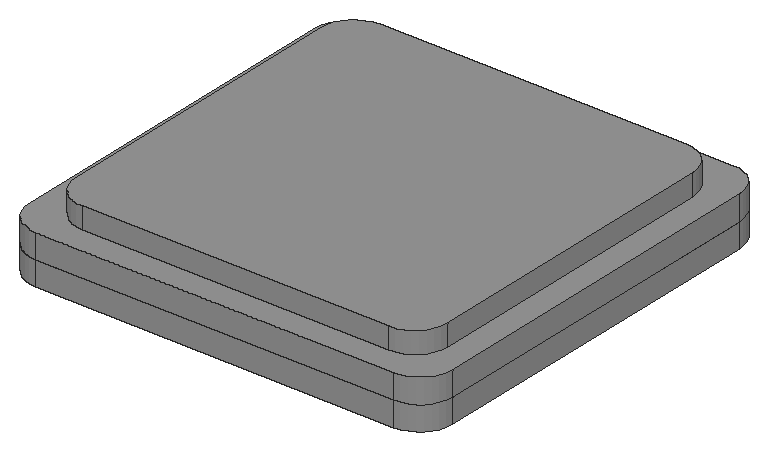
Revit family "FMS2_63_UN_Surface-mounted_ETK", category Lighting Fixtures, Revit 2019 (continued)
Definition of nested family "FMS.2 - Lightsource"
  Types (14, lengths in mm): name | Wattage Comments | Wattage | built-in parameter 1150134 | Photometric Web File | built-in parameter 1150142 | built-in parameter 1150105 | Lumens | built-in parameter 1150107 | built-in parameter 1150106 | Apparent Load
      .0296\t769.878\t764.4402\t759.0024\t753.5646\t748.1268\t742.689\t737.2512\r\n732.0996\t725.8032\t719.2206\t712.638\t706.0554\t699.759\t693.1764\t686.5938\t680.0112\t673.7148\r\n667.1322\t660.5496\t654.2532\t647.6706\t641.088\t634.7916\t628.209\t621.6264\t615.33\t608.7474\r\n602.1648\t595.296\t587.8548\t580.4136\t573.2586\t565.8174\t558.6624\t551.2212\t544.0662\t536.625\r\n529.47\t522.0288\t514.8738\t507.4326\t500.2776\t492.8364\t485.6814\t478.2402\t471.0852\t463.644\r\n456.489\t448.7616\t441.0342\t433.3068\t425.5794\t417.852\t410.1246\t402.111\t394.3836\t386.6562\r\n378.9288\t371.2014\t363.474\t355.7466\t348.0192\t340.2918\t332.5644\t324.837\t317.1096\t309.3822\r\n301.6548\t294.2136\t286.7724\t279.1595\t271.7183\t264.2485\t256.7786\t249.3374\t241.8676\t234.4264\r\n226.9566\t219.4868\t212.0456\t204.5758\t197.1346\t189.6647\t182.2235\t174.7537\t167.3125\t159.8427\r\n152.4015\t137.7481\t122.4936\t107.2678\t92.0133\t76.7875\t61.533\t46.3072\t31.0527\t15.8183\r\n0.577\t0\t0\t0\t0\t0\t0\t0\t0\t0\r\n0\r\n985.6728\t985.1004\t984.2418\t983.3832\t982.5246\t981.9522\t981.0936\t980.5212\t979.6626\t979.0902\r\n978.2316\t977.6592\t976.8006\t975.942\t975.0834\t974.511\t973.6524\t972.7938\t971.9352\t971.0766\r\n970.218\t968.2146\t965.6388\t963.3492\t960.7734\t958.4838\t955.908\t953.6184\t951.0426\t948.4668\r\n946.1772\t943.6014\t941.0256\t938.4498\t936.1602\t933.5844\t931.0086\t928.4328\t925.857\t923.2812\r\n920.7054\t917.5572\t913.2642\t909.2574\t905.2506\t900.9576\t896.9508\t892.944\t888.9372\t884.6442\r\n880.6374\t876.6306\t872.3376\t868.3308\t864.324\t860.031\t856.0242\t852.0174\t848.0106\t843.7176\r\n839.7108\t835.4178\t829.6938\t824.256\t818.532\t813.0942\t807.6564\t802.2186\t796.4946\t791.0568\r\n785.619\t780.1812\t774.7434\t769.3056\t763.8678\t758.43\t752.9922\t747.5544\t742.1166\t736.6788\r\n731.241\t725.517\t718.9344\t712.3518\t705.7692\t699.4728\t692.8902\t686.3076\t679.725\t673.1424\r\n666.5598\t659.9772\t653.6808\t647.0982\t640.5156\t633.933\t627.3504\t621.054\t614.4714\t607.8888\r\n601.3062\t594.7236\t587.2824\t580.1274\t572.6862\t565.5312\t558.09\t550.935\t543.4938\t536.3388\r\n528.8976\t521.7426\t514.3014\t507.1464\t499.7052\t492.5502\t485.109\t477.954\t470.5128\t463.3578\r\n455.9166\t448.4754\t440.748\t433.0206\t425.2932\t417.5658\t409.5522\t401.8248\t394.0974\t386.37\r\n378.6426\t370.9152\t363.1878\t355.4604\t347.733\t340.0056\t331.992\t324.2646\t316.5372\t308.8098\r\n301.0824\t293.6412\t286.0569\t278.6157\t271.1745\t263.7333\t256.3207\t248.8795\t241.4383\t233.9971\r\n226.5845\t219.1433\t211.7021\t204.2896\t196.8484\t189.4358\t181.9946\t174.582\t167.1694\t159.7282\r\n152.3156\t139.408\t124.1822\t108.9563\t93.7019\t78.476\t63.2502\t47.9957\t32.7699\t17.5383\r\n2.3031\t0\t0\t0\t0\t0\t0\t0\t0\t0\r\n0\r\n985.6728\t984.8142\t984.2418\t983.3832\t982.5246\t981.9522\t981.0936\t980.5212\t979.6626\t978.804\r\n977.9454\t977.0868\t976.5144\t975.6558\t974.7972\t973.6524\t973.08\t972.2214\t971.3628\t970.7904\r\n969.9318\t968.787\t966.2112\t963.9216\t961.3458\t958.77\t956.1942\t953.6184\t951.3288\t948.753\r\n946.1772\t943.6014\t941.0256\t938.4498\t935.874\t933.2982\t930.7224\t928.1466\t925.5708\t922.995\r\n920.4192\t917.5572\t913.8366\t909.5436\t905.2506\t900.9576\t896.9508\t892.6578\t888.3648\t884.358\r\n880.065\t876.0582\t871.7652\t867.7584\t863.7516\t859.4586\t855.4518\t851.1588\t846.8658\t842.5728\r\n838.2798\t833.9868\t829.4076\t823.9698\t818.532\t812.808\t807.3702\t801.6462\t796.2084\t790.4844\r\n785.0466\t779.6088\t773.8848\t768.447\t762.723\t757.2852\t751.8474\t746.4096\t740.6856\t735.2478\r\n729.81\t724.3722\t718.9344\t712.3518\t705.7692\t699.1866\t692.604\t686.0214\t679.4388\t672.8562\r\n666.2736\t659.691\t653.1084\t646.812\t640.2294\t633.6468\t627.0642\t620.4816\t613.899\t607.3164\r\n600.7338\t593.865\t587.2824\t579.8412\t572.6862\t565.245\t557.8038\t550.3626\t543.2076\t535.7664\r\n528.3252\t521.1702\t513.729\t506.2878\t499.1328\t491.6916\t484.5366\t477.0954\t469.6542\t462.4992\r\n455.058\t447.903\t440.4618\t432.4482\t424.7208\t416.9934\t408.9798\t401.2524\t393.525\t385.7976\r\n377.784\t370.0566\t362.3292\t354.6018\t346.8744\t339.147\t331.4196\t323.6922\t315.9648\t308.2374\r\n300.51\t292.7826\t285.1983\t277.7571\t270.3445\t262.9319\t255.4907\t248.0782\t240.6656\t233.253\r\n225.8404\t218.4565\t211.0439\t203.6313\t196.2473\t188.8348\t181.4508\t174.0668\t166.6543\t159.2703\r\n151.8863\t141.898\t126.7007\t111.5035\t96.3349\t81.1377\t65.9405\t50.7433\t35.546\t20.346\r\n5.1516\t0\t0\t0\t0\t0\t0\t0\t0\t0\r\n0\r\n985.6728\t984.8142\t984.2418\t983.3832\t982.5246\t981.9522\t981.0936\t980.235\t979.3764\t978.5178\r\n977.9454\t976.8006\t975.942\t975.3696\t974.511\t973.9386\t973.08\t972.5076\t971.649\t970.7904\r\n969.9318\t969.0732\t966.7836\t964.2078\t961.632\t959.0562\t956.4804\t953.9046\t951.3288\t948.753\r\n946.1772\t943.6014\t940.7394\t937.8774\t935.3016\t932.4396\t929.8638\t927.0018\t924.426\t921.8502\r\n919.2744\t916.6986\t913.8366\t910.116\t905.823\t901.53\t897.237\t892.944\t888.651\t884.6442\r\n880.3512\t876.0582\t871.7652\t867.4722\t863.1792\t858.8862\t854.5932\t850.3002\t846.0072\t841.7142\r\n837.4212\t833.4144\t828.8352\t824.5422\t818.8182\t813.0942\t807.3702\t801.6462\t796.2084\t790.4844\r\n785.0466\t779.6088\t774.171\t768.447\t763.0092\t757.2852\t751.5612\t746.1234\t740.3994\t734.6754\r\n728.9514\t723.2274\t717.7896\t712.0656\t705.7692\t699.1866\t692.3178\t685.7352\t678.8664\t672.2838\r\n665.7012\t658.8324\t652.2498\t645.6672\t638.7984\t632.2158\t625.6332\t619.0506\t612.1818\t605.5992\r\n599.0166\t592.434\t585.8514\t578.9826\t572.1138\t564.6726\t557.2314\t549.7902\t542.349\t534.9078\r\n527.7528\t520.3116\t512.8704\t505.7154\t498.2742\t490.833\t483.678\t476.2368\t468.7956\t461.3544\r\n454.1994\t446.7582\t439.317\t431.8758\t424.1484\t416.421\t408.4074\t400.68\t392.9526\t384.939\r\n377.2116\t369.4842\t361.7568\t353.7432\t346.0158\t338.2884\t330.561\t322.5474\t314.82\t307.0926\r\n299.3652\t291.6378\t283.8818\t276.4406\t269.0566\t261.6727\t254.3173\t246.9334\t239.578\t232.2227\r\n224.8673\t217.512\t210.1567\t202.8013\t195.4746\t188.1193\t180.7925\t173.4658\t166.1105\t158.7838\r\n151.457\t144.1303\t130.4213\t115.2527\t100.0841\t84.9155\t69.7469\t54.5783\t39.4384\t24.264\r\n9.1012\t0\t0\t0\t0\t0\t0\t0\t0\t0\r\n0\r\n985.6728\t984.8142\t984.2418\t983.3832\t982.5246\t981.9522\t981.0936\t980.235\t979.3764\t978.5178\r\n977.6592\t977.0868\t976.2282\t975.3696\t974.7972\t973.9386\t973.08\t972.2214\t971.3628\t970.218\r\n969.3594\t968.5008\t967.356\t964.7802\t962.2044\t959.6286\t956.7666\t953.9046\t951.3288\t948.4668\r\n945.891\t943.3152\t940.4532\t937.8774\t935.0154\t932.4396\t929.5776\t926.7156\t923.8536\t920.9916\r\n918.4158\t915.5538\t912.978\t910.4022\t907.254\t902.6748\t898.0956\t893.5164\t888.9372\t884.6442\r\n880.3512\t876.0582\t871.7652\t867.186\t862.893\t858.3138\t854.0208\t849.7278\t845.1486\t840.8556\r\n836.2764\t831.6972\t827.118\t822.5388\t817.6734\t813.0942\t807.6564\t801.9324\t796.2084\t790.4844\r\n784.7604\t779.0364\t773.3124\t767.5884\t761.8644\t756.1404\t750.4164\t744.6924\t738.9684\t733.2444\r\n727.5204\t721.7964\t716.0724\t710.3484\t704.6244\t698.9004\t692.8902\t686.0214\t679.1526\t672.2838\r\n665.7012\t658.8324\t651.9636\t645.0948\t638.5122\t631.6434\t625.0608\t618.192\t611.6094\t604.7406\r\n598.158\t591.2892\t584.4204\t577.8378\t570.969\t564.1002\t556.9452\t549.504\t542.0628\t534.6216\r\n527.1804\t519.7392\t512.298\t504.8568\t497.4156\t489.9744\t482.5332\t475.092\t467.6508\t459.9234\r\n452.4822\t445.041\t437.5998\t430.1586\t423.0036\t415.2762\t407.5488\t399.8214\t391.8078\t384.0804\r\n376.353\t368.3394\t360.612\t352.8846\t344.871\t337.1436\t329.4162\t321.6888\t313.6752\t305.9478\r\n298.2204\t290.493\t282.737\t274.981\t267.4539\t260.1272\t252.8005\t245.4737\t238.1756\t230.8775\r\n223.6081\t216.31\t209.0405\t201.771\t194.5015\t187.232\t179.9626\t172.7217\t165.4522\t158.2114\r\n150.9419\t143.701\t135.2009\t120.0609\t104.9209\t89.7809\t74.641\t59.5296\t44.3896\t29.2496\r\n14.1154\t0\t0\t0\t0\t0\t0\t0\t0\t0\r\n0\r\n985.6728\t984.8142\t984.2418\t983.3832\t982.5246\t981.9522\t981.0936\t980.235\t979.3764\t978.5178\r\n977.9454\t977.0868\t976.5144\t975.3696\t974.511\t973.6524\t972.7938\t971.9352\t970.7904\t969.9318\r\n968.787\t967.6422\t966.4974\t965.0664\t962.4906\t959.9148\t957.0528\t954.477\t951.615\t949.0392\r\n946.1772\t943.3152\t940.4532\t937.5912\t934.7292\t931.8672\t929.0052\t926.1432\t922.995\t920.133\r\n916.9848\t913.8366\t910.9746\t908.3988\t905.5368\t902.6748\t898.9542\t894.375\t889.7958\t885.2166\r\n880.6374\t876.0582\t871.479\t866.8998\t862.3206\t857.4552\t852.876\t848.2968\t844.0038\t839.4246\r\n834.5592\t829.98\t825.4008\t820.8216\t816.2424\t811.6632\t807.084\t802.5048\t797.067\t791.0568\r\n785.0466\t779.3226\t773.3124\t767.3022\t761.292\t755.2818\t749.5578\t743.5476\t737.8236\t732.0996\r\n726.3756\t720.6516\t714.9276\t708.9174\t703.1934\t697.1832\t691.173\t685.449\t679.4388\t672.57\r\n665.7012\t658.8324\t651.9636\t644.8086\t637.9398\t631.071\t624.2022\t617.3334\t610.4646\t603.5958\r\n596.727\t589.8582\t583.2756\t576.4068\t569.538\t562.383\t555.5142\t548.6454\t541.7766\t534.3354\r\n526.608\t519.1668\t511.7256\t503.9982\t496.557\t489.1158\t481.3884\t473.9472\t466.2198\t458.7786\r\n451.3374\t443.8962\t436.455\t429.0138\t421.5726\t414.1314\t406.6902\t398.9628\t391.2354\t383.2218\r\n375.4944\t367.4808\t359.7534\t352.026\t344.0124\t336.285\t328.5576\t320.544\t312.8166\t305.0892\r\n297.3618\t289.6344\t281.7639\t274.0079\t266.2805\t258.5245\t251.255\t243.9569\t236.6874\t229.4465\r\n222.1771\t214.9362\t207.6953\t200.4831\t193.2422\t186.0586\t178.8464\t171.6628\t164.4791\t157.2955\r\n150.1119\t142.9569\t135.8019\t125.7563\t110.6449\t95.5622\t80.4508\t65.3681\t50.2853\t35.2026\r\n20.1227\t5.04\t0\t0\t0\t0\t0\t0\t0\t0\r\n0\r\n985.6728\t984.8142\t984.2418\t983.3832\t982.5246\t981.9522\t981.0936\t980.235\t979.3764\t978.804\r\n977.9454\t977.0868\t976.2282\t975.3696\t974.511\t973.6524\t972.5076\t971.649\t970.218\t969.0732\r\n967.9284\t966.4974\t965.3526\t964.2078\t962.7768\t960.4872\t957.6252\t954.7632\t952.1874\t949.0392\r\n946.1772\t943.029\t940.167\t937.305\t934.1568\t931.2948\t928.1466\t925.2846\t922.4226\t919.5606\r\n916.4124\t913.2642\t910.116\t906.9678\t903.5334\t900.3852\t896.9508\t893.8026\t890.3682\t885.789\r\n881.2098\t876.6306\t872.0514\t867.4722\t862.893\t858.0276\t853.4484\t848.8692\t844.0038\t839.1384\r\n834.273\t829.1214\t824.256\t819.3906\t814.5252\t809.6598\t804.7944\t799.929\t795.0636\t790.1982\r\n785.3328\t779.6088\t773.8848\t767.8746\t761.8644\t755.568\t749.5578\t743.5476\t737.5374\t731.241\r\n725.2308\t719.2206\t713.2104\t707.2002\t701.19\t695.1798\t689.1696\t683.1594\t677.1492\t671.139\r\n665.1288\t659.1186\t652.536\t645.381\t638.226\t631.3572\t624.2022\t617.0472\t610.1784\t603.0234\r\n595.8684\t588.7134\t581.8446\t574.6896\t567.8208\t560.952\t553.797\t546.9282\t539.7732\t532.9044\r\n525.7494\t518.8806\t511.1532\t503.4258\t495.6984\t488.2572\t480.5298\t472.8024\t465.3612\t457.6338\r\n450.1926\t442.4652\t434.7378\t427.2966\t419.5692\t412.128\t404.4006\t396.9594\t389.232\t381.7908\r\n374.0634\t366.336\t358.3224\t350.595\t342.5814\t334.854\t327.1266\t319.113\t311.3856\t303.6582\r\n295.9308\t287.9172\t280.3043\t272.5769\t264.8495\t257.1793\t249.5092\t241.9535\t234.7699\t227.6149\r\n220.4599\t213.3049\t206.1785\t199.0521\t191.9543\t184.828\t177.7302\t170.6324\t163.5347\t156.4655\r\n149.3964\t142.3559\t135.3154\t128.2748\t117.7141\t102.6313\t87.52\t72.4372\t57.3545\t42.2717\r\n27.1776\t12.0919\t0\t0\t0\t0\t0\t0\t0\t0\r\n0\r\n985.6728\t985.1004\t984.2418\t983.3832\t982.8108\t981.9522\t981.0936\t980.5212\t979.6626\t978.804\r\n978.2316\t977.373\t976.2282\t975.3696\t974.511\t973.3662\t972.2214\t970.7904\t969.6456\t968.2146\r\n967.0698\t965.6388\t964.494\t963.063\t961.632\t960.201\t958.1976\t955.0494\t952.1874\t949.3254\r\n946.4634\t943.3152\t940.4532\t937.5912\t934.443\t931.581\t928.4328\t925.2846\t921.8502\t918.702\r\n915.2676\t912.1194\t908.685\t905.5368\t902.1024\t898.668\t895.5198\t892.0854\t888.9372\t885.5028\r\n882.3546\t878.634\t873.4824\t868.3308\t863.1792\t858.6\t853.7346\t848.8692\t843.7176\t838.8522\r\n833.7006\t828.8352\t823.6836\t818.532\t813.6666\t808.515\t803.6496\t798.498\t793.3464\t788.1948\r\n783.0432\t777.8916\t772.74\t767.5884\t762.4368\t756.1404\t750.1302\t744.12\t738.1098\t731.8134\r\n725.2308\t718.9344\t712.638\t706.3416\t700.0452\t694.035\t687.7386\t681.4422\t675.1458\t668.8494\r\n662.553\t656.2566\t650.2464\t643.95\t637.6536\t631.3572\t624.2022\t617.0472\t609.8922\t602.7372\r\n595.5822\t588.7134\t581.5584\t574.1172\t566.9622\t559.521\t552.0798\t544.9248\t537.7698\t530.901\r\n523.746\t516.591\t509.436\t502.281\t495.4122\t487.971\t480.2436\t472.5162\t464.5026\t456.7752\r\n449.0478\t441.3204\t433.593\t425.8656\t418.1382\t410.4108\t402.6834\t395.2422\t387.5148\t379.7874\r\n372.3462\t364.6188\t357.1776\t349.4502\t341.4366\t333.7092\t325.6956\t317.9682\t310.2408\t302.2272\r\n294.4998\t286.7724\t279.0164\t271.289\t263.5616\t255.8342\t248.164\t240.4939\t232.8809\t225.3825\r\n218.3134\t211.2442\t204.2037\t197.1918\t190.1513\t183.168\t176.1561\t169.1728\t162.1895\t155.2349\r\n148.2802\t141.3256\t134.3995\t127.5021\t120.5761\t110.5304\t95.4477\t80.365\t65.2822\t50.1995\r\n35.1454\t20.0655\t4.9971\t0\t0\t0\t0\t0\t0\t0\r\n0\r\n985.6728\t985.1004\t984.2418\t983.3832\t982.8108\t981.9522\t981.3798\t980.5212\t979.9488\t979.0902\r\n978.2316\t977.373\t976.5144\t975.3696\t974.511\t973.08\t971.649\t970.218\t969.0732\t967.6422\r\n966.4974\t965.0664\t963.3492\t961.9182\t960.201\t958.1976\t956.4804\t954.7632\t953.3322\t950.184\r\n947.322\t944.1738\t941.3118\t938.1636\t935.0154\t931.581\t928.4328\t924.9984\t921.8502\t918.4158\r\n915.2676\t911.547\t908.1126\t904.6782\t901.53\t898.0956\t894.6612\t890.6544\t886.9338\t883.2132\r\n879.4926\t876.0582\t872.3376\t868.3308\t864.324\t859.7448\t854.5932\t849.4416\t844.29\t839.4246\r\n834.5592\t829.4076\t823.9698\t818.532\t813.3804\t807.9426\t802.791\t797.6394\t792.2016\t787.05\r\n781.6122\t776.1744\t770.7366\t765.2988\t759.861\t754.4232\t748.9854\t743.5476\t738.396\t732.3858\r\n726.0894\t719.5068\t713.2104\t706.914\t700.3314\t693.4626\t686.88\t680.2974\t674.001\t667.7046\r\n661.4082\t654.5394\t647.9568\t641.3742\t634.7916\t628.4952\t622.1988\t615.9024\t609.3198\t602.7372\r\n596.1546\t588.7134\t581.2722\t573.831\t566.3898\t558.9486\t551.7936\t544.3524\t537.1974\t529.7562\r\n522.315\t514.8738\t507.4326\t499.9914\t492.8364\t485.3952\t478.2402\t471.0852\t463.644\t456.2028\r\n448.1892\t440.1756\t432.4482\t424.7208\t416.9934\t409.266\t401.5386\t393.525\t385.7976\t378.0702\r\n370.3428\t362.6154\t354.888\t347.1606\t339.7194\t331.992\t324.2646\t316.5372\t308.8098\t300.7962\r\n293.0688\t285.3128\t277.5854\t269.8294\t262.1306\t254.4318\t246.7616\t239.1487\t231.5358\t223.9515\r\n216.3672\t208.8115\t201.771\t194.8163\t187.8903\t180.9643\t174.0668\t167.198\t160.3292\t153.4891\r\n146.6489\t139.8373\t133.0544\t126.2714\t119.4885\t112.7342\t104.1768\t89.1227\t74.0399\t58.9858\r\n43.9317\t28.8776\t13.8378\t0\t0\t0\t0\t0\t0\t0\r\n0\r\n985.6728\t985.1004\t984.2418\t983.6694\t982.8108\t982.2384\t981.3798\t980.8074\t980.235\t979.3764\r\n978.5178\t977.373\t976.5144\t975.6558\t974.2248\t972.7938\t971.3628\t969.9318\t968.787\t967.356\r\n965.6388\t964.2078\t962.4906\t960.4872\t958.77\t957.0528\t955.3356\t953.6184\t951.615\t949.8978\r\n947.6082\t945.3186\t942.1704\t939.0222\t935.5878\t932.4396\t929.0052\t925.857\t922.1364\t918.702\r\n915.2676\t911.8332\t908.3988\t904.6782\t900.9576\t896.9508\t893.2302\t889.5096\t885.789\t881.7822\r\n877.7754\t873.4824\t869.4756\t865.4688\t861.7482\t858.0276\t854.0208\t849.7278\t845.1486\t840.8556\r\n835.704\t830.5524\t825.1146\t819.3906\t813.9528\t808.515\t803.0772\t797.6394\t791.9154\t786.4776\r\n780.7536\t775.3158\t769.878\t764.4402\t758.7162\t753.2784\t747.5544\t741.5442\t735.534\t729.81\r\n724.086\t718.362\t712.638\t706.6278\t700.6176\t694.035\t687.4524\t680.8698\t674.001\t667.1322\r\n660.5496\t653.6808\t646.812\t639.9432\t633.3606\t626.778\t620.1954\t613.6128\t606.744\t599.8752\r\n593.0064\t586.4238\t579.8412\t572.9724\t566.3898\t559.521\t551.7936\t544.0662\t536.625\t529.1838\r\n521.4564\t514.0152\t506.574\t498.8466\t491.4054\t483.678\t476.2368\t468.5094\t461.0682\t453.627\r\n446.1858\t438.7446\t431.3034\t423.8622\t416.1348\t408.1212\t400.3938\t392.3802\t384.6528\t376.9254\r\n368.9118\t361.1844\t353.1708\t345.4434\t337.716\t329.9886\t322.2612\t314.82\t307.0926\t299.6514\r\n291.924\t283.939\t276.1258\t268.3411\t260.5851\t252.8863\t245.2448\t237.6319\t230.0762\t222.5491\r\n215.0507\t207.5809\t200.1683\t192.6985\t185.429\t178.5888\t171.7772\t164.9943\t158.2686\t151.5429\r\n144.8458\t138.206\t131.5661\t124.9263\t118.3437\t111.7611\t105.1785\t98.6531\t84.0856\t68.9742\r\n53.8342\t38.7229\t23.6115\t8.5001\t0\t0\t0\t0\t0\t0\r\n0\r\n985.6728\t985.1004\t984.2418\t983.6694\t983.097\t982.2384\t981.666\t981.0936\t980.235\t979.3764\r\n978.5178\t977.6592\t976.8006\t975.3696\t973.9386\t972.5076\t971.0766\t969.9318\t968.5008\t966.7836\r\n965.3526\t963.3492\t961.632\t959.9148\t958.1976\t956.1942\t954.477\t952.4736\t950.4702\t948.1806\r\n946.1772\t943.8876\t941.598\t939.3084\t937.0188\t933.8706\t930.15\t926.7156\t923.2812\t919.8468\r\n916.1262\t912.4056\t908.685\t904.6782\t900.9576\t896.9508\t892.944\t888.651\t884.6442\t880.6374\r\n876.6306\t872.91\t868.9032\t864.324\t860.031\t855.738\t851.445\t847.152\t842.5728\t837.7074\r\n833.1282\t828.8352\t824.5422\t819.963\t815.3838\t810.5184\t804.7944\t799.3566\t793.6326\t787.9086\r\n782.1846\t776.1744\t770.1642\t764.154\t758.1438\t752.1336\t746.1234\t740.3994\t734.3892\t728.379\r\n722.3688\t716.3586\t710.3484\t704.052\t698.0418\t691.7454\t685.449\t679.4388\t673.4286\t667.4184\r\n661.122\t654.2532\t647.3844\t640.5156\t633.6468\t626.4918\t619.3368\t612.1818\t605.0268\t597.8718\r\n591.003\t583.848\t577.2654\t570.3966\t563.2416\t556.3728\t549.2178\t542.349\t535.194\t528.3252\r\n521.4564\t514.3014\t506.8602\t498.8466\t491.1192\t483.1056\t475.3782\t467.6508\t459.9234\t452.196\r\n444.4686\t436.7412\t429.3\t421.5726\t414.1314\t406.404\t398.9628\t391.2354\t383.7942\t376.0668\r\n368.0532\t360.0396\t352.026\t344.0124\t335.9988\t328.2714\t320.2578\t31
